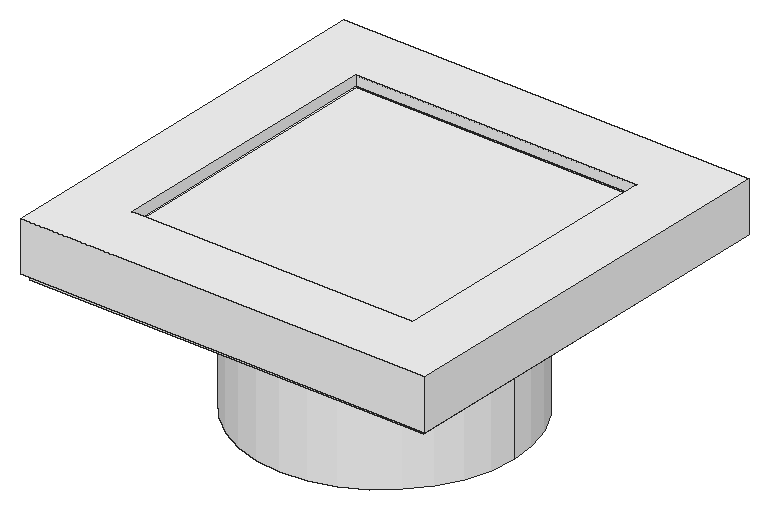
Revit family "Gira_283228", category Electrical Fixtures, host Face, Revit 2017
Family settings
  Host = Face
  Maintain Annotation Orientation = Yes
  Round Connector Dimension = Use Diameter
  Part Type = Normal
  Cut with Voids When Loaded = No
  Shared = No
  Room Calculation Point = No
Parameters (values of type "Wippschalter 3f Wechselsch. System 55 Anthrazit")
  Zusammenstellung = "Basiselement mit Adapterplatte"
  White [instance] = White
  Werkstoffgüte = "sonstige"
  Werkstoff = "sonstige"
  Waschmaschinenschalter = "No"
  URL = "http://katalog.gira.de/de_DE/datenblatt.html?artikelnr=283228"
  Textfeld/Beschriftungsfläche = "nein"
  Tastschalter = "No"
  Schaltungsart = "Wechselschalter"
  Rückmeldekontakt = "No"
  Region = "DE"
  Oberfläche = "sonstige"
  Nennspannung = "250 Volt"
  Name = "Wippschalter 3f Wechselsch. System 55 Anthrazit"
  Montageart = "unter Putz"
  Model = "Sys55_Komplettgerät_Schalten und Tasten"
  Mit Montageplatte = "No"
  Manufacturer URL = "https://www.gira.de/"
  HeinzeBIM = "https://bimportal.heinze.de/bim/wippschalter-3f-wechselsch-system-55-anthrazit/cb2eab62a08aa015b7d99e52600182cfeea99a14"
  Halogenfrei = "Yes"
  HAN = "283228"
  Geeignet für Schutzart (IP) = "IP20"
  GTIN = "4010337832287"
  Farbe = "anthrazit"
  Default Elevation = 1219.2 mm
  Data sheet (1) = "https://katalog.gira.de/de_DE/download.html?artikelnr=283228"
  Category = "Installationsschalter"
  Bemessungsstrom = "10 Ampere"
  Beleuchtung = "nein"
  Befestigungsart = "Schraubbefestigung"
  Bedienungsart = "Wippe/Taste"
  Available = "Yes"
  Anzahl der Module (bei Modulbauweise) = "1 "
  Anzahl der Betätigungswippen = "3 "
  Anschlussart = "Schraubklemme"
Reference planes
  plane 1 "Center (Front/Back)": y = 0
  plane 2: z = 0
  plane 3 "Center (Left/Right)": x = 0
Forms (mm)
  Extrusion 1, solid, material "White" <- "White", detail levels medium
    sketch origin (0, 0, 0) x (1, 0, 0) y (0, 1, 0)
      loop
        line (-40.4, 40.4) -> (-40.4, -40.4) -> (40.4, -40.4) -> (40.4, 40.4) -> (-40.4, 40.4)
      loop
        line (-28, 28) -> (-28, -28) -> (28, -28) -> (28, 28) -> (-28, 28)
    from 0 to 10
  Extrusion 2, solid, material "White" <- "White", detail levels fine
    sketch origin (0, 0, 0) x (1, 0, 0) y (0, 1, 0)
      loop
        line (-40.4, 40.4) -> (-40.4, -40.4) -> (40.4, -40.4) -> (40.4, 40.4) -> (-40.4, 40.4)
      loop
        line (-28, 28) -> (-28, -28) -> (28, -28) -> (28, 28) -> (-28, 28)
    from 0 to 10
  Extrusion 3, void
    sketch origin (0, 0, 0) x (1, 0, 0) y (0, 1, 0)
      loop
        line (-38.4, 38.4) -> (-38.4, -38.4) -> (38.4, -38.4) -> (38.4, 38.4) -> (-38.4, 38.4)
    from 0 to 8
  Extrusion 4, solid, material "White" <- "White", detail levels medium+fine
    sketch origin (0, 0, 0) x (1, 0, 0) y (0, 1, 0)
      loop
        line (-39.4, 39.4) -> (-39.4, -39.4) -> (39.4, -39.4) -> (39.4, 39.4) -> (-39.4, 39.4)
    from 0 to -1
  Extrusion 5, solid, material "White" <- "White", detail levels medium+fine
    sketch origin (0, 0, 0) x (1, 0, 0) y (0, 1, 0)
      loop
        line (-35.5, 35.5) -> (-35.5, -35.5) -> (35.5, -35.5) -> (35.5, 35.5) -> (-35.5, 35.5)
    from -2 to -3
  Extrusion 6, solid, material "White" <- "White", detail levels medium+fine
    sketch origin (0, 0, 0) x (1, 0, 0) y (0, 1, 0)
      loop
        circle (0, 0) r 26
    from 0 to -27.5
  Extrusion 7, solid, material "White" <- "White", detail levels coarse
    sketch origin (0, 0, 0) x (1, 0, 0) y (0, 1, 0)
      loop
        line (-40.4, 40.4) -> (-40.4, -40.4) -> (40.4, -40.4) -> (40.4, 40.4) -> (-40.4, 40.4)
    from -27.5 to 10
Cuts and joins
  Extrusion 3 cuts Extrusion 2
Dimensions and locks
  aligned and locked: plane 2 to host face
  aligned and locked: level to host face
  aligned and locked: plane 3 "Center (Left/Right)" to nested 2
  aligned and locked: plane 1 "Center (Front/Back)" to nested 2
Nested families
  nested 1: "Sys55_Abdeckung_Schalten und Tasten_floor_base" at (0, 0, 0), type "Sys55_Abdeckung_Schalten und Tasten_floor_base"
  nested 2: "Schalter" at (0, 0, 0), type "Schalter"
Connectors
  electrical at (0, 0, -27.5)
    settings: on Extrusion 6, index 1, voltage 220 V, apparent load 0 VA, apparent load phase1 0 VA, apparent load phase2 0 VA, apparent load phase3 0 VA, power factor 1, load classification "Other", number of poles 1, system type 30, power factor state 1, is connector primary yes, connector utility no, sub classification motor no, connector description ""
Definition of nested family "Sys55_Abdeckung_Schalten und Tasten_floor_base"
  Parameters
    Default Elevation = 1219.2 mm
    White [instance] = none
  Reference planes
    plane 1 "Center (Front/Back)": y = 0
    plane 2: z = 0
    plane 3 "Center (Left/Right)": x = 0
  Forms (mm)
    Extrusion 1, solid
      sketch origin (0, 0, 0) x (1, 0, 0) y (0, 1, 0)
        loop
          line (-1219.2, 1219.2) -> (-1219.2, -1219.2) -> (1219.2, -1219.2) -> (1219.2, 1219.2) -> (-1219.2, 1219.2)
      from 0 to -304.8
    Extrusion 2, solid, material <- "White", detail levels fine
      sketch origin (0, 0, 0) x (1, 0, 0) y (0, 1, 0)
        loop
          line (-27.5, 27.5) -> (-27.5, -27.5) -> (27.5, -27.5) -> (27.5, 27.5) -> (-27.5, 27.5)
      from 0 to 8
    Extrusion 3, void
      sketch origin (0, 0, 0) x (1, 0, 0) y (0, 1, 0)
        loop
          line (26, 26) -> (-26, 26) -> (-26, -26) -> (26, -26) -> (26, 26)
      from 0 to 6
    Extrusion 4, solid, material <- "White", detail levels medium
      sketch origin (0, 0, 0) x (1, 0, 0) y (0, 1, 0)
        loop
          line (-27.5, 27.5) -> (-27.5, -27.5) -> (27.5, -27.5) -> (27.5, 27.5) -> (-27.5, 27.5)
      from 0 to 8
    Extrusion 5, solid, material <- "White", detail levels medium
      sketch origin (0, 0, 0) x (1, 0, 0) y (0, 1, 0)
        loop
          line (11, -17.5) -> (11, 17.5) -> (-11, 17.5) -> (-11, -17.5) -> (11, -17.5)
      from -6 to 6
    Extrusion 6, solid, material <- "White", detail levels fine
      sketch origin (0, 0, 0) x (1, 0, 0) y (0, 1, 0)
        loop
          line (11, 17.5) -> (-11, 17.5) -> (-11, 16.5) -> (11, 16.5) -> (11, 17.5)
        loop
          line (-11, -16.5) -> (-11, -17.5) -> (11, -17.5) -> (11, -16.5) -> (-11, -16.5)
      from -4 to 6
    Extrusion 7, solid, material <- "White", detail levels fine
      sketch origin (0, 0, 0) x (1, 0, 0) y (0, 1, 0)
        loop
          arc (5, 9.347) -> (0, 10.6) -> (-5, 9.347) r 10.6
          line (-5, 9.347) -> (-5, -9.347)
          arc (-5, -9.347) -> (0, -10.6) -> (5, -9.347) r 10.6
          line (5, -9.347) -> (5, 9.347)
      from -6 to 6
    Extrusion 8, solid, material <- "White", detail levels coarse
      sketch origin (0, 0, 0) x (1, 0, 0) y (0, 1, 0)
        loop
          line (-27.5, 27.5) -> (-27.5, -27.5) -> (27.5, -27.5) -> (27.5, 27.5) -> (-27.5, 27.5)
      from -6 to 8
  Cuts and joins
    Extrusion 3 cuts Extrusion 2
  Dimensions and locks
    aligned and locked: plane 2 to Extrusion 1
    aligned and locked: level to Extrusion 1
Definition of nested family "Schalter"
  Reference planes
    plane 1: y = 0
    plane 2: x = 0
  Lines and regions (mm)
    detail lines
      curve 1: circle (1.375, 2.778, 0) r 0.8 normal (0, 0, 1)
      curve 2: line (1.021, 2.061, 0) -> (0, 0, 0)
      curve 3: line (0, 0, 0) -> (-0.538, 0.266, 0)
  Dimensions and locks
    curve 2 to curve 2 = 2.3 mm
    curve 3 to curve 2 = 0.6 mm
    radius of curve 1 = 0.8 mm
